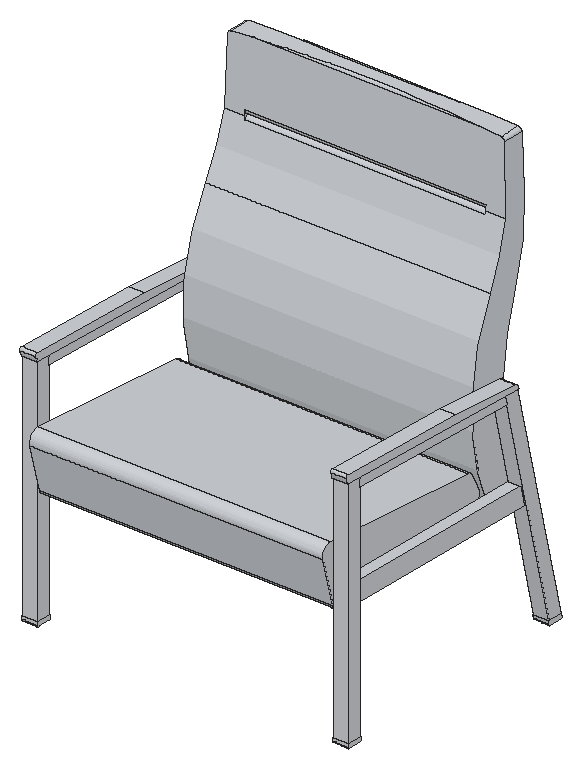
Revit family "Seat-LaZBoy-Kadia_Mod_Visitor_Seating-KAM10BH", category Furniture, Revit 2017
Family settings
  OmniClass Number = 23.40.20.00
  OmniClass Title = General Furniture and Specialties
  Work Plane-Based = No
  Always vertical = Yes
  Cut with Voids When Loaded = No
  Shared = No
  Room Calculation Point = No
Parameters (values of type "Load by Type Catalog")
  Width = 33.50"  # constant formula
  URL = "https://www.la-z-boy.com/"
  Seat Material [instance] = none
  Product Documentation Link = "URL"
  Model = "KAM10BHW"
  Manufacturer = "LaZBoy"
  Height = 33.25"  # constant formula
  Description = "Bariatric High Back Guest Chair with Arm Wood Arm Caps"
  Depth = 28.50"  # constant formula
  Copyright © = "Inc"
  Back Material [instance] = none
  Assembly Code = "E2020200"
  Armcap Material [instance] = none
  Arm Material [instance] = none
Reference planes (in)
  plane 1 "Center (Front/Back)": y = 0
  plane 2: z = 0
  plane 3 "Center (Left/Right)": x = 0
  plane 4 "Left": x = -15.75
  plane 5 "Right": x = 15.75
  plane 6: y = -14.25
  plane 7: x = 16.75
  plane 8: x = -16.75
  plane 9: z = 33.25
  plane 10: y = 14.25
  plane 11: z = 45
Forms (in)
  Extrusion 1, solid, material <- "Seat Material"
    sketch origin (0, 0, 0) x (0, 1, 0) y (0, 0, 1)
      loop
        line (-14.20977, 17.31062) -> (-12.97981, 12.5796)
        arc (-12.97981, 12.5796) -> (-12.80573, 12.31297) -> (-12.50598, 12.20551) r 0.5
        line (-12.50598, 12.20551) -> (-11.38081, 12.18281)
        arc (-11.38081, 12.18281) -> (-11.29166, 12.21765) -> (-11.25325, 12.30532) r 0.12505
        line (-11.25325, 12.30532) -> (-11.20993, 14.45317) -> (5.29993, 14.12012)
        arc (5.29993, 14.12012) -> (5.65915, 14.23248) -> (5.8094, 14.57757) r 0.45291
        arc (5.8094, 14.57757) -> (5.74318, 15.0541) -> (5.56542, 15.50117) r 2.00636
        line (5.56542, 15.50117) -> (4.83996, 16.83345)
        arc (4.83996, 16.83345) -> (4.70704, 16.98141) -> (4.52178, 17.05378) r 0.43026
        arc (4.52178, 17.05378) -> (-4.32435, 18.04888) -> (-13.21148, 18.56177) r 163.74963
        arc (-13.21148, 18.56177) -> (-14.02361, 18.18593) -> (-14.20977, 17.31062) r 1
    from -15 to 15
  Extrusion 2, solid, material <- "Back Material"
    sketch origin (0, 0, 0) x (0, 1, 0) y (0, 0, 1)
      loop
        arc (9.02026, 23.00751) -> (9.7272, 27.09147) -> (10.91938, 31.061) r 34.45688
        arc (10.91938, 31.061) -> (12.01923, 35.10092) -> (12.41025, 39.26957) r 24.3337
        arc (12.41025, 39.26957) -> (12.38041, 42.21135) -> (12.24747, 45.15027) r 83.91515
        arc (12.24747, 45.15027) -> (12.13765, 45.39469) -> (11.89402, 45.50623) r 0.38076
        line (11.89402, 45.50623) -> (10.56635, 45.59907)
        arc (10.56635, 45.59907) -> (10.29183, 45.51005) -> (10.15591, 45.25547) r 0.38575
        arc (10.15591, 45.25547) -> (10.01665, 41.55572) -> (10.00748, 37.85335) r 105.35325
        arc (10.00748, 37.85335) -> (9.13569, 34.81059) -> (7.80947, 31.93665) r 20.66566
        arc (7.80947, 31.93665) -> (5.20393, 22.49701) -> (7.24592, 12.91965) r 20.62466
        arc (7.24592, 12.91965) -> (7.43038, 12.71353) -> (7.6962, 12.63702) r 0.5
        line (7.6962, 12.63702) -> (9.9862, 12.63702)
        arc (9.9862, 12.63702) -> (10.81864, 13.0829) -> (10.90874, 14.02293) r 1
        arc (10.90874, 14.02293) -> (9.83718, 17.0473) -> (9.10846, 20.17204) r 28.8197
        arc (9.10846, 20.17204) -> (8.9633, 21.58663) -> (9.02026, 23.00751) r 10
    from -15.75 to 15.75
  Extrusion 3, void
    sketch origin (0, 0, 0) x (1, 0, 0) y (0, 0, 1)
      loop
        arc (-13.83301, 45.1352) -> (0, 45.56569) -> (13.83301, 45.1352) r 222.46077
        arc (13.83301, 45.1352) -> (14.09575, 45.01397) -> (14.20798, 44.74727) r 0.4
        line (14.20798, 44.74727) -> (14.80164, 23.74301) -> (14.80164, 12.03239) -> (17.49355, 12.03239) -> (17.49355, 46.28239) -> (-17.49355, 46.28239) -> (-17.49355, 12.03239) -> (-14.80164, 12.03239) -> (-14.80164, 23.74301) -> (-14.20798, 44.74727)
        arc (-14.20798, 44.74727) -> (-14.09575, 45.01397) -> (-13.83301, 45.1352) r 0.4
    from -14.4375 to 14.4375
  Extrusion 4, void
    sketch origin (0, 0, 0) x (0, 1, 0) y (0, 0, 1)
      loop
        line (10.45547, 37.90524) -> (10.45547, 37.97181)
        arc (10.45547, 37.97181) -> (10.13496, 38.10638) -> (10.00038, 38.4269) r 0.45955
        line (10.00038, 38.4269) -> (9.73026, 38.4269) -> (9.73026, 37.54227) -> (9.94115, 37.54227)
        arc (9.94115, 37.54227) -> (10.12808, 37.82327) -> (10.45547, 37.90524) r 0.46758
    from -12.34753 to 12.35
  Extrusion 5, solid, material <- "Arm Material"
    sketch origin (-23.5, 0, 0) x (0, 1, 0) y (0, 0, 1)
      loop
        line (-11.53552, 23.46763) -> (7.29722, 22.74599) -> (7.06924, 23.69802) -> (-11.53552, 24.41093) -> (-11.53552, 23.46763)
    from 38.6875 to 40.1875
  Extrusion 6, solid, material <- "Arm Material"
    sketch origin (23.5, 0, 0) x (0, 1, 0) y (0, 0, -1)
      loop
        line (-11.53552, -23.46763) -> (-11.53552, -24.41093) -> (7.06924, -23.69802) -> (7.29722, -22.74599) -> (-11.53552, -23.46763)
    from 38.6875 to 40.1875
Cuts and joins
  Extrusion 3, Extrusion 4 cuts Extrusion 2
Lines and regions (in)
  Masking region 1
    outline origin (27, 0, 0) x (1, 0, 0) y (0, 1, 0)
      loop
        arc (-12.375, -14.25) -> (-12.02145, -14.10355) -> (-11.875, -13.75) r 0.5
        line (-11.875, -13.75) -> (-11.875, 4.30293)
        spline (-11.875, 4.30293) -> (-11.88466, 5.827) -> (-11.91135, 7.10962) -> (-11.95168, 8.18011) -> (-12.00223, 9.0678) -> (-12.05959, 9.80203) -> (-12.12036, 10.41212) -> (-12.18112, 10.9274) -> (-12.23847, 11.37719) -> (-12.29584, 11.77865) -> (-12.38021, 12.10709) -> (-12.5236, 12.32885) -> (-12.75803, 12.41024)
        line (-12.75803, 12.41024) -> (-41.24197, 12.41024)
        spline (-41.24197, 12.41024) -> (-41.4764, 12.32885) -> (-41.61979, 12.10709) -> (-41.70416, 11.77865) -> (-41.76153, 11.37719) -> (-41.81888, 10.9274) -> (-41.87964, 10.41212) -> (-41.94041, 9.80203) -> (-41.99777, 9.0678) -> (-42.04832, 8.18011) -> (-42.08865, 7.10962) -> (-42.11534, 5.827) -> (-42.125, 4.30293)
        line (-42.125, 4.30293) -> (-42.125, -13.75)
        arc (-42.125, -13.75) -> (-41.97855, -14.10355) -> (-41.625, -14.25) r 0.5
        line (-41.625, -14.25) -> (-12.375, -14.25)
  symbolic lines, detail levels medium+fine
    curve 1: line (-13.97978, 10.20078, 0) -> (13.97978, 10.20078, 0)
  symbolic lines, style "Furniture", detail levels medium+fine
    curve 2: line (-15.125, 4.30293, 0) -> (-13.97978, 10.20078, 0)
    curve 3: line (15.125, 4.30293, 0) -> (13.97978, 10.20078, 0)
Dimensions and locks (in)
  equal spacing: plane 4 "Left", plane 3 "Center (Left/Right)", plane 5 "Right"
  equal spacing: plane 8, plane 3 "Center (Left/Right)", plane 7
  "Width": plane 8 to plane 7
  "Height": plane 9 to plane 2
  locked: plane 8 to plane 4 "Left" at 1
  plane 5 "Right" to plane 7 = 1.00"
  equal spacing: plane 10, plane 1 "Center (Front/Back)", plane 6
  "Depth": plane 6 to plane 10
  plane 11 to level = 45.00"
  aligned and locked: level to plane 2
  aligned and locked: plane 3 "Center (Left/Right)" to nested 1
  aligned and locked: plane 1 "Center (Front/Back)" to nested 1
  aligned and locked: plane 10 to nested 2
  aligned and locked: nested 2 to plane 8
  aligned and locked: plane 7 to nested 3
  aligned and locked: plane 10 to nested 3
  aligned and locked: Extrusion 2 to plane 4 "Left"
  aligned and locked: Extrusion 2 to plane 5 "Right"
  aligned and locked: Masking region 1 sketch curve to plane 6
Automatic sketch dimensions
  plane 4 "Left" to curve 2 = 1.77022"
  plane 5 "Right" to curve 3 = 1.77022"
  curve 2 to plane 10 = 4.04922"
  plane 4 "Left" to curve 2 = 0.625"
  plane 5 "Right" to curve 3 = 0.625"
  curve 3 to plane 1 "Center (Front/Back)" = 4.30293"
  curve 2 to plane 1 "Center (Front/Back)" = 4.30293"
  plane 6 to Extrusion 1 sketch curve = 3.94909"
  Extrusion 1 sketch curve to plane 6 = 0.04023"
  Extrusion 1 sketch curve to Extrusion 1 sketch curve = 0.96783"
  Extrusion 1 sketch curve to plane 6 = 1.27019"
  Extrusion 1 sketch curve to Extrusion 1 sketch curve = 0.47383"
  Extrusion 1 sketch curve to Extrusion 1 sketch curve = 0.48391"
  Extrusion 1 sketch curve to Extrusion 1 sketch curve = 1.12518"
  Extrusion 1 sketch curve to Extrusion 1 sketch curve = 0.00252"
  Extrusion 1 sketch curve to Extrusion 1 sketch curve = 0.12503"
  Extrusion 1 sketch curve to Extrusion 1 sketch curve = 0.04333"
  Extrusion 1 sketch curve to plane 1 "Center (Front/Back)" = 3.80336"
  Extrusion 1 sketch curve to Extrusion 1 sketch curve = 0.65872"
  Extrusion 1 sketch curve to Extrusion 1 sketch curve = 0.37787"
  Extrusion 1 sketch curve to Extrusion 1 sketch curve = 1.49656"
  Extrusion 1 sketch curve to Extrusion 1 sketch curve = 0.05664"
  Extrusion 1 sketch curve to Extrusion 1 sketch curve = 0.20885"
  Extrusion 1 sketch curve to level = 145.11188"
  level to Extrusion 1 sketch curve = 12.18281"
  Extrusion 1 sketch curve to Extrusion 1 sketch curve = 0.0227"
  Extrusion 1 sketch curve to Extrusion 1 sketch curve = 0.12251"
  Extrusion 1 sketch curve to Extrusion 1 sketch curve = 0.37409"
  level to Extrusion 1 sketch curve = 14.12012"
  Extrusion 1 sketch curve to Extrusion 1 sketch curve = 0.42156"
  Extrusion 1 sketch curve to Extrusion 1 sketch curve = 0.44935"
  Extrusion 1 sketch curve to Extrusion 1 sketch curve = 0.9317"
  Extrusion 1 sketch curve to Extrusion 1 sketch curve = 1.12651"
  Extrusion 1 sketch curve to Extrusion 1 sketch curve = 0.20576"
  Extrusion 1 sketch curve to Extrusion 1 sketch curve = 2.85745"
  Extrusion 1 sketch curve to Extrusion 1 sketch curve = 0.25161"
  Extrusion 1 sketch curve to Extrusion 1 sketch curve = 0.00"
  Extrusion 2 sketch curve to plane 11 = 5.11048"
  plane 6 to Extrusion 2 sketch curve = 57.25261"
  Extrusion 2 sketch curve to plane 6 = 2.32721"
  Extrusion 2 sketch curve to Extrusion 2 sketch curve = 1.68638"
  Extrusion 2 sketch curve to plane 10 = 6.5538"
  Extrusion 2 sketch curve to Extrusion 2 sketch curve = 2.29001"
  plane 11 to Extrusion 2 sketch curve = 0.21427"
  Extrusion 2 sketch curve to plane 10 = 3.71056"
  plane 11 to Extrusion 2 sketch curve = 0.59907"
  Extrusion 2 sketch curve to Extrusion 2 sketch curve = 0.02691"
  plane 11 to Extrusion 2 sketch curve = 0.1264"
  Extrusion 2 sketch curve to Extrusion 2 sketch curve = 1.32802"
  plane 11 to Extrusion 2 sketch curve = 0.50623"
  Extrusion 2 sketch curve to Extrusion 2 sketch curve = 0.02656"
  plane 10 to Extrusion 2 sketch curve = 4.70847"
  Extrusion 2 sketch curve to Extrusion 2 sketch curve = 6.86108"
  Extrusion 2 sketch curve to Extrusion 2 sketch curve = 11.67633"
  Extrusion 2 sketch curve to Extrusion 2 sketch curve = 5.76835"
  Extrusion 2 sketch curve to plane 11 = 5.55639"
  Extrusion 2 sketch curve to Extrusion 2 sketch curve = 72.0845"
  Extrusion 2 sketch curve to plane 9 = 8.10506"
  Extrusion 2 sketch curve to Extrusion 2 sketch curve = 3.24737"
  Extrusion 2 sketch curve to Extrusion 2 sketch curve = 0.01147"
  Extrusion 2 sketch curve to Extrusion 2 sketch curve = 5.96196"
  Extrusion 2 sketch curve to Extrusion 2 sketch curve = 8.26055"
  Extrusion 2 sketch curve to Extrusion 2 sketch curve = 0.50"
  Extrusion 2 sketch curve to Extrusion 2 sketch curve = 1.00"
  plane 9 to Extrusion 2 sketch curve = 6.19934"
  Extrusion 2 sketch curve to plane 11 = 2.99281"
  Extrusion 2 sketch curve to Extrusion 2 sketch curve = 0.00"  (x6)
  Extrusion 2 sketch curve to plane 10 = 5.22974"
  Extrusion 2 sketch curve to Extrusion 2 sketch curve = 2.19801"
  plane 3 "Center (Left/Right)" to Extrusion 3 sketch curve = 0.00"
  Extrusion 3 sketch curve to plane 11 = 0.26403"  (x2)
  plane 4 "Left" to Extrusion 3 sketch curve = 1.94186"
  Extrusion 3 sketch curve to plane 11 = 0.25273"  (x2)
  Extrusion 3 sketch curve to Extrusion 3 sketch curve = 0.39984"  (x2)
  plane 4 "Left" to Extrusion 3 sketch curve = 0.94836"
  Extrusion 3 sketch curve to plane 8 = 0.74355"
  plane 5 "Right" to Extrusion 3 sketch curve = 1.94186"
  plane 5 "Right" to Extrusion 3 sketch curve = 0.94836"
  Extrusion 3 sketch curve to plane 7 = 0.74355"
  Extrusion 3 sketch curve to plane 9 = 9.50699"  (x2)
  Extrusion 3 sketch curve to Extrusion 3 sketch curve = 11.71062"  (x2)
  Extrusion 3 sketch curve to level = 176.89508"
  plane 11 to Extrusion 3 sketch curve = 1.28239"
  Extrusion 3 sketch curve to Extrusion 3 sketch curve = 0.00"
  Extrusion 4 sketch curve to plane 10 = 4.51974"
  Extrusion 4 sketch curve to Extrusion 4 sketch curve = 0.21089"
  Extrusion 4 sketch curve to Extrusion 4 sketch curve = 0.27013"
  Extrusion 4 sketch curve to Extrusion 4 sketch curve = 0.45654"
  Extrusion 4 sketch curve to Extrusion 4 sketch curve = 0.05779"
  Extrusion 4 sketch curve to Extrusion 4 sketch curve = 0.45953"
  plane 9 to Extrusion 4 sketch curve = 4.19124"
  Extrusion 4 sketch curve to Extrusion 4 sketch curve = 0.10102"
  Extrusion 4 sketch curve to Extrusion 4 sketch curve = 0.06657"
  Extrusion 4 sketch curve to Extrusion 4 sketch curve = 0.45509"
  plane 4 "Left" to Masking region 1 sketch curve = 0.625"
  Masking region 1 sketch curve to Masking region 1 sketch curve = 0.50"
  plane 4 "Left" to Masking region 1 sketch curve = 1.50803"
  plane 5 "Right" to Masking region 1 sketch curve = 1.50803"
  Masking region 1 sketch curve to plane 6 = 0.50"
  plane 5 "Right" to Masking region 1 sketch curve = 1.125"
  Masking region 1 sketch curve to plane 1 "Center (Front/Back)" = 4.30293"  (x2)
  Masking region 1 sketch curve to plane 10 = 1.83976"
  Extrusion 5 sketch curve to plane 6 = 2.71448"
  Extrusion 5 sketch curve to plane 1 "Center (Front/Back)" = 7.06924"
  Extrusion 5 sketch curve to Extrusion 5 sketch curve = 0.22798"
  Extrusion 5 sketch curve to plane 9 = 10.50401"
  Extrusion 5 sketch curve to plane 9 = 9.78237"
  Extrusion 5 sketch curve to Extrusion 5 sketch curve = 0.95203"
  Extrusion 5 sketch curve to Extrusion 5 sketch curve = 0.9433"
  Extrusion 6 sketch curve to plane 6 = 2.71448"
  Extrusion 6 sketch curve to plane 1 "Center (Front/Back)" = 7.06924"
  Extrusion 6 sketch curve to Extrusion 6 sketch curve = 0.22798"
  Extrusion 6 sketch curve to plane 9 = 8.83907"
  Extrusion 6 sketch curve to plane 9 = 9.55198"
  Extrusion 6 sketch curve to Extrusion 6 sketch curve = 0.9433"
  Extrusion 6 sketch curve to Extrusion 6 sketch curve = 0.95203"
Nested families (in)
  nested 1: "Label 1-16" at (0, 0, 0), type "Center", detail levels fine
    with Offset (LR) 0.00"
  nested 2: "KAM-Legs" at (-15.9375, -0.62521, 0), type "Standard"
  nested 3: "KAM-Legs" at (15.9375, -0.62521, 0) x (-1, 0, 0) z (0, 0, 1), type "Standard"
Definition of nested family "KAM-Legs"
  Parameters (values of type "Standard")
    URL = ""
    Model = ""
    Manufacturer = ""
    Description = ""
    Assembly Code = "E2020200"
    Armcap Material = none
    Arm Material = none
  Reference planes (in)
    plane 1 "Center (Front/Back)": y = 0
    plane 2: z = 0
    plane 3 "Center (Left/Right)": x = 0
    plane 4 "Left": x = -0.75
    plane 5 "Right": x = 0.75
    plane 6 "Top": z = 7.875
    plane 7: z = 3.9375
    plane 8: y = 14.87521
    plane 9: y = -12.70677
    plane 10: x = -0.8125
    plane 11: x = 0.8125
  Forms (in)
    Extrusion 1, solid, material <- "Arm Material"
      sketch origin (0, 0, 0) x (0, 1, 0) y (0, 0, 1)
        loop
          line (14.77719, 0.5562) -> (9.21278, 23.70234) -> (7.67912, 23.76206) -> (13.2361, 0.5562) -> (14.77719, 0.5562)
        loop
          line (-10.91031, 0.54831) -> (-10.91031, 24.62591) -> (-12.39735, 24.62591) -> (-12.39735, 0.54831) -> (-10.91031, 0.54831)
      from -0.75 to 0.75
    Extrusion 2, solid, material <- "Armcap Material"
      sketch origin (0, 0, 0) x (0, 1, 0) y (0, 0, 1)
        loop
          line (9.31962, 23.63575) -> (9.28113, 23.81681)
          arc (9.28113, 23.81681) -> (9.14966, 24.04635) -> (8.90912, 24.15643) r 0.43259
          arc (8.90912, 24.15643) -> (5.08499, 24.53404) -> (1.2488, 24.75811) r 95.87237
          line (1.2488, 24.75811) -> (-12.47645, 25.28404)
          arc (-12.47645, 25.28404) -> (-12.65161, 25.20907) -> (-12.70444, 25.026) r 0.22237
          arc (-12.70444, 25.026) -> (-12.635, 24.74221) -> (-12.52223, 24.47269) r 1.87069
          line (-12.52223, 24.47269) -> (9.31962, 23.63575)
      from -0.8125 to 0.8125
    Extrusion 3, solid
      sketch origin (0, 0.00399, 0) x (1, 0, 0) y (0, 1, 0)
        loop
          circle (0, 14.05016) r 0.56382
        loop
          circle (0, -11.66859) r 0.56382
      from 0 to 0.262
    Extrusion 4, solid, material <- "Arm Material"
      sketch origin (0, 0, 0) x (0, 1, 0) y (0, 0, 1)
        loop
          line (9.94865, 14.28456) -> (-10.91031, 14.70467) -> (-10.91031, 12.70427) -> (10.42999, 12.27446) -> (9.94865, 14.28456)
      from 0.75 to -0.5
    Extrusion 5, solid
      sketch origin (0, 0, 0) x (0, 1, 0) y (0, 0, 1)
        loop
          line (14.80347, 0.5562) -> (13.20606, 0.5562) -> (13.28835, 0.19977)
          arc (13.28835, 0.19977) -> (13.33819, 0.12079) -> (13.42636, 0.09) r 0.14163
          line (13.42636, 0.09) -> (14.75158, 0.09)
          arc (14.75158, 0.09) -> (14.85088, 0.1379) -> (14.87521, 0.24543) r 0.12689
          line (14.87521, 0.24543) -> (14.80347, 0.5562)
        loop
          line (-10.88531, 0.54831) -> (-12.43327, 0.54831) -> (-12.43327, 0.21253)
          arc (-12.43327, 0.21253) -> (-12.39854, 0.12868) -> (-12.31468, 0.09394) r 0.11859
          line (-12.31468, 0.09394) -> (-11.00771, 0.09394)
          arc (-11.00771, 0.09394) -> (-10.92116, 0.12979) -> (-10.88531, 0.21634) r 0.1224
          line (-10.88531, 0.21634) -> (-10.88531, 0.54831)
      from 0.79 to -0.79
  Lines and regions (in)
    Masking region 1
      outline origin (0, 0, 0) x (1, 0, 0) y (0, 1, 0)
        loop
          line (-0.75, 14.87521) -> (-0.75, 9.31962) -> (-0.8125, 9.31962) -> (-0.8125, -12.70677) -> (0.8125, -12.70677) -> (0.8125, 9.31962) -> (0.75, 9.31962) -> (0.75, 14.87521) -> (-0.75, 14.87521)
    symbolic lines, detail levels medium+fine
      curve 1: line (-0.75, 9.31962, 0) -> (0.75, 9.31962, 0)
  Dimensions and locks (in)
    equal spacing: plane 4 "Left", plane 3 "Center (Left/Right)", plane 5 "Right"
    plane 2 to plane 6 "Top" = 7.875"
    equal spacing: plane 6 "Top", plane 7, plane 2
    aligned and locked: level to plane 2
    aligned and locked: Masking region 1 sketch curve to plane 8
    aligned and locked: Masking region 1 sketch curve to plane 4 "Left"
    aligned and locked: plane 5 "Right" to Masking region 1 sketch curve
    aligned and locked: Masking region 1 sketch curve to plane 9
    aligned and locked: Masking region 1 sketch curve to Extrusion 2
    aligned and locked: Extrusion 2 to Masking region 1 sketch curve
  Automatic sketch dimensions
    Extrusion 3 sketch curve to plane 3 "Center (Left/Right)" = 0.00"  (x2)
    Extrusion 4 sketch curve to Extrusion 4 sketch curve = 0.48135"
    Extrusion 4 sketch curve to plane 6 "Top" = 4.39946"
    Extrusion 4 sketch curve to plane 6 "Top" = 4.82927"
    Extrusion 3 sketch curve to plane 1 "Center (Front/Back)" = 14.05415"
    Extrusion 4 sketch curve to plane 6 "Top" = 6.40956"
    plane 1 "Center (Front/Back)" to Extrusion 3 sketch curve = 11.6646"
    Extrusion 1 sketch curve to plane 9 = 0.30942"
    Extrusion 1 sketch curve to Extrusion 1 sketch curve = 1.48705"
    Extrusion 1 sketch curve to plane 8 = 0.09802"
    level to Extrusion 1 sketch curve = 0.54831"
    level to Extrusion 1 sketch curve = 0.5562"
    Extrusion 1 sketch curve to plane 6 "Top" = 16.75091"
    Extrusion 1 sketch curve to plane 8 = 7.19609"
    Extrusion 1 sketch curve to Extrusion 1 sketch curve = 1.53366"
    Extrusion 1 sketch curve to Extrusion 1 sketch curve = 1.54109"
    Extrusion 1 sketch curve to Extrusion 1 sketch curve = 0.05972"
    Extrusion 1 sketch curve to plane 6 "Top" = 15.82734"
    Extrusion 4 sketch curve to Extrusion 4 sketch curve = 2.00041"
    Extrusion 4 sketch curve to plane 9 = 1.79647"
    Extrusion 4 sketch curve to plane 8 = 4.44522"
    Extrusion 2 sketch curve to plane 9 = 0.18455"
    Extrusion 2 sketch curve to plane 9 = 0.2218"
    Extrusion 2 sketch curve to Extrusion 2 sketch curve = 0.00851"
    Extrusion 2 sketch curve to Extrusion 2 sketch curve = 1.61828"
    plane 1 "Center (Front/Back)" to Extrusion 2 sketch curve = 2.42217"
    Extrusion 2 sketch curve to plane 1 "Center (Front/Back)" = 1.2488"
    Extrusion 2 sketch curve to plane 8 = 6.01722"
    Extrusion 2 sketch curve to Extrusion 2 sketch curve = 0.42314"
    Extrusion 2 sketch curve to Extrusion 2 sketch curve = 0.03849"
    Extrusion 2 sketch curve to level = 71.04395"
    Extrusion 2 sketch curve to plane 6 "Top" = 15.76075"
    Extrusion 2 sketch curve to Extrusion 2 sketch curve = 0.09112"
    Extrusion 2 sketch curve to Extrusion 2 sketch curve = 0.18106"
    Extrusion 2 sketch curve to plane 6 "Top" = 16.59769"
    Extrusion 2 sketch curve to Extrusion 2 sketch curve = 1.03124"
    Extrusion 2 sketch curve to Extrusion 2 sketch curve = 0.58913"
    Extrusion 2 sketch curve to Extrusion 2 sketch curve = 0.22221"
    Extrusion 2 sketch curve to Extrusion 2 sketch curve = 0.04331"
    Extrusion 5 sketch curve to plane 8 = 0.00"
    Extrusion 5 sketch curve to plane 8 = 0.07175"
    Extrusion 5 sketch curve to plane 8 = 0.12364"
    level to Extrusion 5 sketch curve = 0.23163"
    Extrusion 5 sketch curve to Extrusion 5 sketch curve = 1.32522"
    level to Extrusion 5 sketch curve = 0.19977"
    Extrusion 5 sketch curve to Extrusion 5 sketch curve = 0.138"
    level to Extrusion 5 sketch curve = 0.5562"
    Extrusion 5 sketch curve to Extrusion 5 sketch curve = 0.08229"
    level to Extrusion 5 sketch curve = 0.21634"
    Extrusion 5 sketch curve to plane 9 = 1.82147"
    Extrusion 5 sketch curve to Extrusion 5 sketch curve = 0.1224"
    Extrusion 5 sketch curve to plane 9 = 0.39209"
    Extrusion 5 sketch curve to plane 9 = 0.2735"
    Extrusion 5 sketch curve to Extrusion 5 sketch curve = 0.12689"
    Extrusion 5 sketch curve to Extrusion 5 sketch curve = 0.33578"
    Masking region 1 sketch curve to plane 8 = 5.5556"
    Masking region 1 sketch curve to Masking region 1 sketch curve = 0.00"
    curve 1 to plane 4 "Left" = 0.00"
    curve 1 to plane 5 "Right" = 0.00"
    curve 1 to plane 8 = 5.5556"
    radius of Extrusion 3 sketch curve = 0.56382"  (x2)
Definition of nested family "Label 1-16"
  Parameters (values of type "Center")
    P_Width = 0.00"
    Text_Width = "Empty"
    Text_Height = "Empty"
    Text_Diameter = "Empty"
    Text_Depth = "Empty"
    Offset (LR) [instance] = 0.00"
    Model Name = "6961"
    P_Height = 0.00"
    Distance of Center (not Change) = 0.00"
    P_Diameter = 0.00"
    P_Depth = 0.00"
  Reference planes (in)
    plane 1: y = 0
    plane 2: x = 0
  Lines and regions (in)
    reference lines
      curve 1: line (-0.44359, 0, 0) -> (0.41085, 0, 0)
      curve 3: line (0, 0.32564, 0) -> (0, -0.40221, 0)
    reference lines, not visible
      curve 2: line (-0.44359, 0.09843, 0) -> (0.41085, 0.09843, 0)
      curve 4: line (0, 0.42407, 0) -> (0, -0.30379, 0)
  Text (in)
    label "Empty" at (0.00197, -0.0079, 0), shows "Model Name"
    label "Empty" at (0.00197, 0.09052, 0), shows "Model Name", not visible
  Dimensions and locks (in)
    "Distance of Center (not Change)": plane 1 to curve 1
    "Offset (LR)": curve 3 to plane 2
  Automatic sketch dimensions
    curve 1 to curve 3 = 0.44359"
    curve 3 to curve 1 = 0.41085"
    curve 3 to curve 1 = 0.40221"
    curve 1 to curve 3 = 0.32564"
    curve 2 to curve 4 = 0.44359"
    curve 4 to curve 2 = 0.41085"
    curve 4 to curve 2 = 0.40221"
    curve 2 to curve 4 = 0.32564"
Types in the file's own list only (3): name | Model | Description
  Wood Arm Caps | "KAM10BHW" | "Bariatric High Back Guest Chair with Arm Wood Arm Caps"
  Urethane Arm Caps | "KAM10BHU" | "Bariatric High Back Guest Chair with Arm Urethane Arm Caps"
  Solid Surface Arm Caps | "KAM10BHJ" | "Bariatric High Back Guest Chair with Solid Surface Arm Caps"
